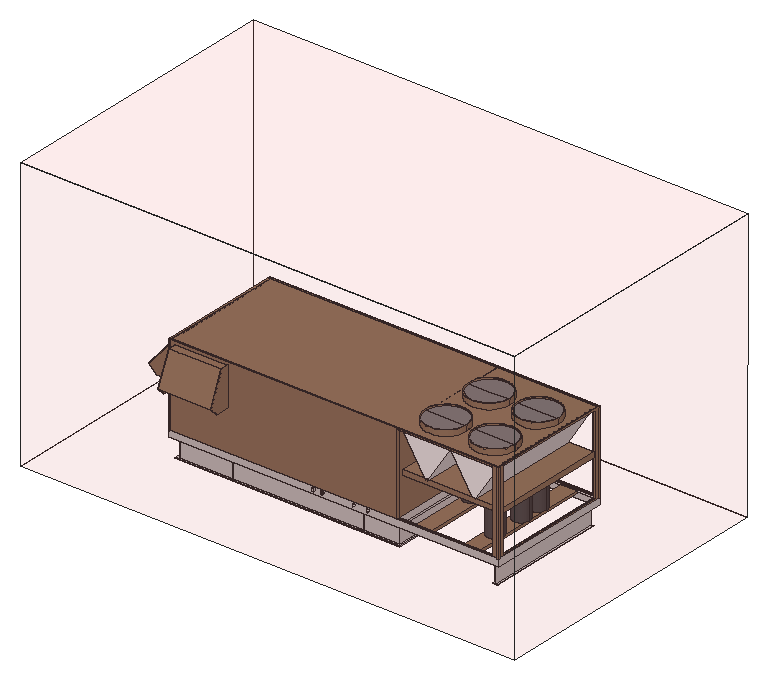
Revit family (continued)
Definition of nested family "Commercial_Comfort_Systems-Series_40-JCI-Unit_Cabinet-Bottom_Supply_And_Return-Gas_Heating"
  Forms (in)
    Extrusion 10, void, detail levels medium+fine
      sketch origin (0, -46, 0) x (-1, 0, 0) y (0, 0, 1)
        loop
          circle (8.49969, 3.0625) r 1.25
      from 0 to 6.46
    Revolve 11, void, detail levels medium+fine
      sketch origin (0, -39.54, 0) x (-1, 0, 0) y (0, 0, 1)
        loop
          line (6.68719, 5.125) -> (6.68719, 0) -> (8.49969, 0) -> (8.49969, 5.125) -> (6.68719, 5.125)
        axis (8.49969, 0) -> (8.49969, 5.125)
      angle from 0 to 360
    Extrusion 12, solid, material "Metal - JCI - Steel - Galvanized - Screen" <- "Screen Material", detail levels fine
      sketch origin (0, 0, 0) x (-1, 0, 0) y (0, -1, 0)
        loop
          line (-46.18781, -46) -> (-46.18781, -45) -> (-115.50031, -45) -> (-115.50031, -46) -> (-46.18781, -46)
        loop
          line (-119.00031, -42) -> (-119.00031, 42) -> (-120.00031, 42) -> (-120.00031, -42) -> (-119.00031, -42)
        loop
          line (-46.18781, 45) -> (-46.18781, 46) -> (-115.50031, 46) -> (-115.50031, 45) -> (-46.18781, 45)
      from 5.125 to 63.5
    Extrusion 13, void
      sketch origin (0, -34, 0) x (-1, 0, 0) y (0, 0, 1)
        loop
          circle (-25.02531, 3.0625) r 1.25
        loop
          circle (-14.77531, 3.0625) r 1.25
      from -12 to 0
    Revolve 14, void
      sketch origin (0, -34, 0) x (-1, 0, 0) y (0, 0, 1)
        loop
          line (-25.02531, 4.3125) -> (-26.83781, 4.3125) -> (-26.83781, 0) -> (-25.02531, 0) -> (-25.02531, 4.3125)
        axis (-25.02531, 0) -> (-25.02531, 4.3125)
      angle from 0 to 360
    Revolve 15, void, detail levels medium+fine
      sketch origin (0, -34, 0) x (-1, 0, 0) y (0, 0, 1)
        loop
          line (-12.96281, 4.625) -> (-14.77531, 4.625) -> (-14.77531, 1.8125) -> (-12.96281, 1.8125) -> (-12.96281, 4.625)
        axis (-14.77531, 1.8125) -> (-14.77531, 4.625)
      angle from 0 to 360
  Cuts and joins
    Extrusion 10, Revolve 11, Extrusion 13, Revolve 14, Revolve 15 cuts Extrusion 6
  Lines and regions (in)
    Masking region 1
      outline origin (0, 0, 0) x (1, 0, 0) y (0, 1, 0)
        loop
          line (-119.99969, 46) -> (-119.99969, -46) -> (120.00031, -46) -> (120.00031, 46) -> (-119.99969, 46)
    Masking region 2, detail levels medium+fine
      outline origin (0, -45, 0) x (-1, 0, 0) y (0, 0, 1)
        loop
          line (119.99969, 64) -> (-120.00031, 64) -> (-120.00031, 0) -> (119.99969, 0) -> (119.99969, 64)
        loop
          line (-46.18781, 4.625) -> (-46.18781, 63.5) -> (-115.50031, 63.5) -> (-115.50031, 4.625) -> (-46.18781, 4.625)
    Masking region 3, detail levels medium+fine
      outline origin (120.00031, 0, 0) x (0, -1, 0) y (0, 0, 1)
        loop
          line (46, 64) -> (-46, 64) -> (-46, 0) -> (46, 0) -> (46, 64)
        loop
          line (42, 63.5) -> (-42, 63.5) -> (-42, 5.125) -> (42, 5.125) -> (42, 63.5)
    Masking region 4
      outline origin (0.00031, 0, 0) x (0, 1, 0) y (0, 0, 1)
        loop
          line (46, 64) -> (-46, 64) -> (-46, 0) -> (46, 0) -> (46, 64)
    Masking region 5, detail levels medium+fine
      outline origin (-119.99969, 0, 0) x (0, -1, 0) y (0, 0, 1)
        loop
          line (-46, 64) -> (-46, 0) -> (46, 0) -> (46, 64) -> (-46, 64)
        loop
          line (-39.5, 62) -> (-39.5, 33.89844) -> (39.5, 33.89844) -> (39.5, 62) -> (-39.5, 62)
        loop
          line (-29.75977, 29.36) -> (-29.75977, 7.94) -> (29.75977, 7.94) -> (29.75977, 29.36) -> (-29.75977, 29.36)
    Masking region 6, detail levels coarse
      outline origin (0, 0, 0) x (1, 0, 0) y (0, 0, 1)
        loop
          line (-119.99969, 64) -> (-119.99969, 0) -> (120.00031, 0) -> (120.00031, 64) -> (-119.99969, 64)
    Masking region 7
      outline origin (0, 45, 0) x (-1, 0, 0) y (0, 0, 1)
        loop
          line (-120.00031, 64) -> (-120.00031, 0) -> (119.99969, 0) -> (119.99969, 64) -> (-120.00031, 64)
        loop
          line (-115.50031, 63.5) -> (-115.50031, 5.125) -> (-46.18781, 5.125) -> (-46.18781, 63.5) -> (-115.50031, 63.5)
    model lines, style "Frame Unit", detail levels coarse
      curve 1: line (-119.99969, 46, 64) -> (120.00031, 46, 64)
      curve 2: line (-119.99969, 46, 64) -> (-119.99969, -46, 64)
      curve 3: line (-119.99969, -46, 64) -> (120.00031, -46, 64)
      curve 4: line (120.00031, 46, 64) -> (120.00031, -46, 64)
      curve 5: line (-119.99969, 46, 64) -> (-119.99969, 46, 0)
      curve 6: line (120.00031, 46, 64) -> (120.00031, 46, 0)
      curve 7: line (-119.99969, -46, 64) -> (-119.99969, -46, 0)
      curve 8: line (120.00031, -46, 64) -> (120.00031, -46, 0)
      curve 9: line (46.18781, -46, 63.5) -> (115.50031, -46, 63.5)
      curve 10: line (46.18781, -46, 63.5) -> (46.18781, -46, 5.125)
      curve 11: line (46.18781, -46, 5.125) -> (115.50031, -46, 5.125)
      curve 12: line (115.50031, -46, 63.5) -> (115.50031, -46, 5.125)
      curve 13: line (46.18781, 46, 63.5) -> (115.50031, 46, 63.5)
      curve 14: line (115.50031, 46, 63.5) -> (115.50031, 46, 5.125)
      curve 15: line (115.50031, 46, 5.125) -> (46.18781, 46, 5.125)
      curve 16: line (46.18781, 46, 5.125) -> (46.18781, 46, 63.5)
      curve 17: line (120.00031, -42, 63.5) -> (120.00031, 42, 63.5)
      curve 18: line (120.00031, -42, 63.5) -> (120.00031, -42, 5.125)
      curve 19: line (120.00031, -42, 5.125) -> (120.00031, 42, 5.125)
      curve 20: line (120.00031, 42, 63.5) -> (120.00031, 42, 5.125)
      curve 21: line (18.18781, 41.5, 0) -> (44.18781, 41.5, 0)
      curve 22: line (18.18781, -30.10938, 0) -> (44.18781, -30.10938, 0)
      curve 23: line (44.18781, 41.5, 0) -> (44.18781, -30.10938, 0)
      curve 24: line (46.18781, 44, 0) -> (117.50031, 44, 0)
      curve 25: line (117.50031, 44, 0) -> (117.50031, -44, 0)
      curve 26: line (117.50031, -44, 0) -> (46.18781, -44, 0)
      curve 27: line (46.18781, -44, 0) -> (46.18781, 44, 0)
      curve 28: line (-119.99969, 46, 0) -> (120.00031, 46, 0)
      curve 29: line (-119.99969, -46, 0) -> (-119.99969, 46, 0)
      curve 30: line (120.00031, -46, 0) -> (-119.99969, -46, 0)
      curve 31: line (120.00031, 46, 0) -> (120.00031, -46, 0)
      curve 34: line (18.18781, 41.5, 0) -> (18.18781, -30.10938, 0)
    symbolic lines, style "Frame Unit", detail levels medium+fine
      curve 32: line (0.00031, -46, 4.625) -> (0.00031, 46, 4.625)
      curve 33: line (-119.99969, 46, 4.625) -> (120.00031, 46, 4.625)
    symbolic lines, style "Frame Unit", detail levels fine
      curve 35: line (46.18781, 0, 35.625) -> (115.50031, 0, 35.625)
      curve 36: line (115.50031, 0, 32) -> (46.18781, 0, 32)
      curve 37: line (119.00031, -42, 35.625) -> (119.00031, 42, 35.625)
      curve 38: line (120.00031, 42, 32) -> (120.00031, -42, 32)
  Dimensions and locks (in)
    "Length": plane 4 "Left of Unit" to plane 5 "Right of Unit"
    equal spacing: plane 7 "Back of Unit", plane 1 "Center (Front/Back)", plane 6 "Front of Unit"
    "Width": plane 7 "Back of Unit" to plane 6 "Front of Unit"
    "Height": plane 8 "Top of Unit" to plane 20 "Base Bottom"
    locked: plane 4 "Left of Unit" to plane 9 "Left Inset" at 1
    locked: plane 10 "Filters and Driers Right" to plane 5 "Right of Unit" at 4.5
    locked: plane 13 "Front Inset" to plane 6 "Front of Unit" at 1
    locked: plane 16 "Back Of Unit Inset" to plane 7 "Back of Unit" at 1
    locked: plane 17 "Right of Unit Inset" to plane 5 "Right of Unit" at 1
    equal spacing: plane 8 "Top of Unit", plane 19 "Center (Elevation)", plane 20 "Base Bottom"
    locked: plane 2 "Bottom of Unit" to plane 20 "Base Bottom" at 4.625
    locked: plane 21 "Open Right" to plane 5 "Right of Unit" at 2.5
    locked: plane 24 "Supply Air Back" to plane 7 "Back of Unit" at 4.5
    locked: plane 25 "Supply Air Front" to plane 24 "Supply Air Back" at 71.60938
    locked: plane 26 "Open Back" to plane 7 "Back of Unit" at 2
    locked: plane 27 "Open Front" to plane 6 "Front of Unit" at 2
    locked: plane 23 "Supply Air Left" to plane 22 "Supply Air Right" at 26
    locked: plane 7 "Back of Unit" to plane 30 "Fan Back" at 30.66667
    locked: plane 8 "Top of Unit" to plane 32 "Exhaust Air Bottom" at 30.10156
    locked: plane 34 "Compressor Acces Front" to plane 6 "Front of Unit" at 4
    locked: plane 35 "Compressor Access Back" to plane 7 "Back of Unit" at 4
    locked: plane 22 "Supply Air Right" to plane 5 "Right of Unit" at 75.8125
    locked: plane 36 "Condenser Base" to plane 19 "Center (Elevation)" at 3.625
    locked: plane 12 "Filters and Driers Left" to Extrusion 8 sketch curve at 1
    equal spacing: Extrusion 9 sketch curve, plane 28 "Right Condenser Fans", Extrusion 9 sketch curve
    locked: Extrusion 9 sketch curve to Extrusion 9 sketch curve at 12  (x2)
    locked: plane 4 "Left of Unit" to plane 37 "Rain Hood Left" at 4.5
    locked: plane 37 "Rain Hood Left" to plane 38 "Rain Hood Right" at 38.58984
    plane 39 "Power Exhaust Bottom" to plane 20 "Base Bottom" = 7.94"
    locked: plane 18 "Bottom Inset" to plane 2 "Bottom of Unit" at 0.5
    locked: plane 8 "Top of Unit" to plane 11 "Top Inset" at 0.5
    locked: plane 8 "Top of Unit" to plane 40 "Economizer Top" at 2
    plane 1 "Center (Front/Back)" to plane 41 "Return Air Front" = 41 1/2"
    locked: plane 43 "Center of Conection Opening" to plane 20 "Base Bottom" at 3.0625
    locked: plane 44 "Electrical Connection L/R" to plane 5 "Right of Unit" at 128.5
    locked: plane 45 "Electrical Connectio F/B" to plane 6 "Front of Unit" at 6.46
    "Front Electric Connection Radius": Extrusion 10 sketch curve to plane 44 "Electrical Connection L/R"
    "Front Electric Connection Radius": plane 43 "Center of Conection Opening" to Extrusion 10 sketch curve
    "Electric Connection Radius": Revolve 11 sketch curve to Revolve 11 sketch curve
    equal spacing: plane 4 "Left of Unit", plane 3 "Center (Left/Right)", plane 5 "Right of Unit"
    equal spacing: plane 37 "Rain Hood Left", plane 31 "Center of Economizer L/R", plane 38 "Rain Hood Right"
    locked: plane 42 "Power Exhaust Top" to plane 20 "Base Bottom" at 29.36
    locked: plane 22 "Supply Air Right" to plane 12 "Filters and Driers Left" at 2
    plane 28 "Right Condenser Fans" to plane 5 "Right of Unit" = 20 15/32"
    locked: plane 30 "Fan Back" to plane 29 "Fan Front" at 39.31
    equal spacing: Extrusion 9 sketch curve, plane 33 "Left Condenser Fans", Extrusion 9 sketch curve
    locked: plane 33 "Left Condenser Fans" to plane 28 "Right Condenser Fans" at 35.42
    equal spacing: plane 47 "Power Exhaust Front", plane 1 "Center (Front/Back)", plane 48 "Power Exhaust Back"
    locked: plane 47 "Power Exhaust Front" to plane 48 "Power Exhaust Back" at 59.51953
    plane 41 "Return Air Front" to plane 6 "Front of Unit" = 4 1/2"
    equal spacing: plane 51 "Gas Connector Left", plane 49 "Gas Connectors Center L/R", plane 50 "Gas Connectior Right"
    locked: plane 49 "Gas Connectors Center L/R" to plane 5 "Right of Unit" at 100.1
    locked: plane 51 "Gas Connector Left" to plane 50 "Gas Connectior Right" at 10.25
    "Gas Connector Offset Front Minimum": plane 52 "Gas Connectro Center F/B" to plane 6 "Front of Unit"
    "Front Electric Connection Radius": Extrusion 13 sketch curve to plane 43 "Center of Conection Opening"
    "Front Electric Connection Radius": Extrusion 13 sketch curve to plane 51 "Gas Connector Left"
    "Front Electric Connection Radius": plane 43 "Center of Conection Opening" to Extrusion 13 sketch curve
    "Front Electric Connection Radius": Extrusion 13 sketch curve to plane 50 "Gas Connectior Right"
    "Electric Connection Radius": Revolve 14 sketch curve to Revolve 14 sketch curve
    "Front Electric Connection Radius": Revolve 14 sketch curve to plane 43 "Center of Conection Opening"
    "Electric Connection Radius": Revolve 15 sketch curve to Revolve 15 sketch curve
    "Front Electric Connection Radius": plane 43 "Center of Conection Opening" to Revolve 15 sketch curve
    "Front Electric Connection Radius": radius of Extrusion 10 sketch curve
    "Front Electric Connection Radius": radius of Extrusion 13 sketch curve  (x2)
    aligned and locked: plane 12 "Filters and Driers Left" to Extrusion 1 sketch curve
    aligned and locked: Extrusion 1 sketch curve to plane 10 "Filters and Driers Right"
    aligned and locked: Extrusion 1 sketch curve to plane 11 "Top Inset"
    aligned and locked: Extrusion 1 sketch curve to plane 8 "Top of Unit"
    aligned and locked: Extrusion 1 sketch curve to plane 5 "Right of Unit"
    aligned and locked: plane 2 "Bottom of Unit" to Extrusion 1 sketch curve
    aligned and locked: Extrusion 1 sketch curve to plane 4 "Left of Unit"
    aligned and locked: Extrusion 1 to plane 6 "Front of Unit"
    aligned and locked: plane 13 "Front Inset" to Extrusion 1
    aligned and locked: Extrusion 2 sketch curve to plane 8 "Top of Unit"
    aligned and locked: Extrusion 2 sketch curve to plane 11 "Top Inset"
    aligned and locked: plane 6 "Front of Unit" to Extrusion 2 sketch curve
    aligned and locked: plane 2 "Bottom of Unit" to Extrusion 2 sketch curve
    aligned and locked: plane 7 "Back of Unit" to Extrusion 2 sketch curve
    aligned and locked: plane 5 "Right of Unit" to Extrusion 2
    aligned and locked: Extrusion 2 to plane 17 "Right of Unit Inset"
    aligned and locked: Extrusion 3 sketch curve to plane 5 "Right of Unit"
    aligned and locked: Extrusion 3 sketch curve to plane 10 "Filters and Driers Right"
    aligned and locked: Extrusion 3 sketch curve to plane 8 "Top of Unit"
    aligned and locked: Extrusion 3 sketch curve to plane 11 "Top Inset"
    aligned and locked: plane 12 "Filters and Driers Left" to Extrusion 3 sketch curve
    aligned and locked: plane 2 "Bottom of Unit" to Extrusion 3 sketch curve
    aligned and locked: Extrusion 3 sketch curve to plane 4 "Left of Unit"
    aligned and locked: Extrusion 3 to plane 7 "Back of Unit"
    aligned and locked: plane 16 "Back Of Unit Inset" to Extrusion 3
    aligned and locked: Extrusion 4 sketch curve to plane 8 "Top of Unit"
    aligned and locked: plane 14 "Exhaust Air Front" to Extrusion 4 sketch curve
    aligned and locked: plane 15 "Exhaust Air Back" to Extrusion 4 sketch curve
    aligned and locked: plane 7 "Back of Unit" to Extrusion 4 sketch curve
    aligned and locked: plane 6 "Front of Unit" to Extrusion 4 sketch curve
    aligned and locked: plane 2 "Bottom of Unit" to Extrusion 4 sketch curve
    aligned and locked: plane 4 "Left of Unit" to Extrusion 4
    aligned and locked: Extrusion 4 to plane 9 "Left Inset"
    aligned and locked: plane 16 "Back Of Unit Inset" to Extrusion 5 sketch curve
    aligned and locked: Extrusion 5 sketch curve to plane 17 "Right of Unit Inset"
    aligned and locked: Extrusion 5 sketch curve to plane 9 "Left Inset"
    aligned and locked: plane 13 "Front Inset" to Extrusion 5 sketch curve
    aligned and locked: plane 8 "Top of Unit" to Extrusion 5
    aligned and locked: plane 20 "Base Bottom" to level
    aligned and locked: plane 24 "Supply Air Back" to Extrusion 6 sketch curve  (x2)
    aligned and locked: Extrusion 6 sketch curve to plane 23 "Supply Air Left"
    aligned and locked: Extrusion 6 sketch curve to plane 22 "Supply Air Right"
    aligned and locked: Extrusion 6 sketch curve to plane 25 "Supply Air Front"
    aligned and locked: Extrusion 6 sketch curve to plane 21 "Open Right"
    aligned and locked: plane 12 "Filters and Driers Left" to Extrusion 6 sketch curve
    aligned and locked: plane 7 "Back of Unit" to Extrusion 6 sketch curve
    aligned and locked: Extrusion 6 sketch curve to plane 5 "Right of Unit"
    aligned and locked: plane 6 "Front of Unit" to Extrusion 6 sketch curve
    aligned and locked: Extrusion 6 sketch curve to plane 4 "Left of Unit"
    aligned and locked: Extrusion 6 to plane 20 "Base Bottom"
    aligned and locked: plane 2 "Bottom of Unit" to Extrusion 6
    aligned and locked: plane 26 "Open Back" to Extrusion 6 sketch curve
    aligned and locked: plane 27 "Open Front" to Extrusion 6 sketch curve
    aligned and locked: plane 7 "Back of Unit" to Masking region 1 sketch curve
    aligned and locked: Masking region 1 sketch curve to plane 4 "Left of Unit"
    aligned and locked: Masking region 1 sketch curve to plane 5 "Right of Unit"
    aligned and locked: plane 6 "Front of Unit" to Masking region 1 sketch curve
    aligned and locked: plane 4 "Left of Unit" to curve 2
    aligned and locked: plane 4 "Left of Unit" to curve 3
    aligned and locked: plane 5 "Right of Unit" to curve 3
    aligned and locked: curve 3 to plane 6 "Front of Unit"
    aligned and locked: plane 6 "Front of Unit" to curve 4
    aligned and locked: plane 4 "Left of Unit" to curve 1
    aligned and locked: plane 5 "Right of Unit" to curve 1
    aligned and locked: plane 7 "Back of Unit" to curve 4
    aligned and locked: plane 6 "Front of Unit" to curve 2
    aligned and locked: plane 8 "Top of Unit" to curve 5
    aligned and locked: plane 20 "Base Bottom" to curve 5
    aligned and locked: plane 20 "Base Bottom" to curve 7
    aligned and locked: plane 8 "Top of Unit" to curve 7
    aligned and locked: plane 4 "Left of Unit" to curve 5
    aligned and locked: plane 4 "Left of Unit" to curve 7
    aligned and locked: plane 20 "Base Bottom" to curve 6
    aligned and locked: plane 20 "Base Bottom" to curve 8
    aligned and locked: plane 8 "Top of Unit" to curve 6
    aligned and locked: plane 8 "Top of Unit" to curve 8
    aligned and locked: curve 6 to plane 5 "Right of Unit"
    aligned and locked: curve 8 to plane 5 "Right of Unit"
    aligned and locked: plane 11 "Top Inset" to curve 12
    aligned and locked: plane 10 "Filters and Driers Right" to curve 9
    aligned and locked: plane 10 "Filters and Driers Right" to curve 11
    aligned and locked: plane 11 "Top Inset" to curve 10
    aligned and locked: plane 12 "Filters and Driers Left" to curve 11
    aligned and locked: plane 12 "Filters and Driers Left" to curve 9
    aligned and locked: curve 11 to curve 12
    aligned and locked: plane 12 "Filters and Driers Left" to curve 13
    aligned and locked: plane 11 "Top Inset" to curve 14
    aligned and locked: curve 13 to plane 11 "Top Inset"
    aligned and locked: plane 10 "Filters and Driers Right" to curve 15
    aligned and locked: plane 12 "Filters and Driers Left" to curve 15
    aligned and locked: plane 11 "Top Inset" to curve 16
    aligned and locked: plane 10 "Filters and Driers Right" to curve 13
    aligned and locked: plane 11 "Top Inset" to curve 18
    aligned and locked: plane 11 "Top Inset" to curve 20
    aligned and locked: plane 27 "Open Front" to curve 25
    aligned and locked: plane 21 "Open Right" to curve 24
    aligned and locked: plane 26 "Open Back" to curve 27
    aligned and locked: plane 22 "Supply Air Right" to curve 21
    aligned and locked: plane 7 "Back of Unit" to curve 31
    aligned and locked: plane 5 "Right of Unit" to curve 30
    aligned and locked: curve 31 to plane 5 "Right of Unit"
    aligned and locked: plane 6 "Front of Unit" to curve 30
    aligned and locked: plane 6 "Front of Unit" to curve 29
    aligned and locked: plane 7 "Back of Unit" to curve 29
    aligned and locked: curve 29 to plane 4 "Left of Unit"
    aligned and locked: plane 4 "Left of Unit" to curve 28
    aligned and locked: plane 8 "Top of Unit" to Masking region 2 sketch curve
    aligned and locked: plane 5 "Right of Unit" to Masking region 2 sketch curve
    aligned and locked: plane 4 "Left of Unit" to Masking region 2 sketch curve
    aligned and locked: Masking region 3 sketch curve to plane 8 "Top of Unit"
    aligned and locked: plane 6 "Front of Unit" to Masking region 3 sketch curve
    aligned and locked: plane 7 "Back of Unit" to Masking region 3 sketch curve
    aligned and locked: plane 20 "Base Bottom" to Masking region 3 sketch curve
    aligned and locked: plane 7 "Back of Unit" to curve 32
    aligned and locked: plane 6 "Front of Unit" to curve 32
    aligned and locked: curve 32 to plane 2 "Bottom of Unit"
    aligned and locked: Masking region 2 sketch curve to plane 20 "Base Bottom"
    aligned and locked: plane 5 "Right of Unit" to curve 33
    aligned and locked: plane 4 "Left of Unit" to curve 33
    aligned and locked: curve 33 to plane 2 "Bottom of Unit"
    aligned and locked: plane 18 "Bottom Inset" to Extrusion 3
    aligned and locked: plane 18 "Bottom Inset" to curve 15
    aligned and locked: plane 18 "Bottom Inset" to Extrusion 2
    aligned and locked: curve 19 to plane 18 "Bottom Inset"
    aligned and locked: plane 35 "Compressor Access Back" to Extrusion 2 sketch curve
    aligned and locked: plane 34 "Compressor Acces Front" to Extrusion 2 sketch curve
    aligned and locked: plane 35 "Compressor Access Back" to curve 20
    aligned and locked: curve 18 to plane 34 "Compressor Acces Front"
    aligned and locked: plane 32 "Exhaust Air Bottom" to Extrusion 1 sketch curve
    aligned and locked: plane 32 "Exhaust Air Bottom" to Extrusion 3 sketch curve
    aligned and locked: plane 32 "Exhaust Air Bottom" to Extrusion 4 sketch curve
    aligned and locked: plane 12 "Filters and Driers Left" to Extrusion 7 sketch curve
    aligned and locked: plane 19 "Center (Elevation)" to Extrusion 7 sketch curve
    aligned and locked: Extrusion 7 sketch curve to plane 36 "Condenser Base"
    aligned and locked: Extrusion 8 sketch curve to plane 12 "Filters and Driers Left"
    aligned and locked: Extrusion 8 sketch curve to plane 11 "Top Inset"
    aligned and locked: plane 18 "Bottom Inset" to Extrusion 8 sketch curve
    aligned and locked: Extrusion 8 to plane 16 "Back Of Unit Inset"
    aligned and locked: Extrusion 8 to plane 13 "Front Inset"
    aligned and locked: plane 27 "Open Front" to Extrusion 9 sketch curve  (x2)
    aligned and locked: plane 26 "Open Back" to Extrusion 9 sketch curve  (x2)
    aligned and locked: Extrusion 9 to plane 2 "Bottom of Unit"
    aligned and locked: plane 2 "Bottom of Unit" to Masking region 2 sketch curve
    aligned and locked: plane 12 "Filters and Driers Left" to Masking region 2 sketch curve
    aligned and locked: plane 35 "Compressor Access Back" to curve 17
    aligned and locked: plane 35 "Compressor Access Back" to curve 19
    aligned and locked: plane 34 "Compressor Acces Front" to curve 17
    aligned and locked: plane 34 "Compressor Acces Front" to curve 19
    aligned and locked: plane 18 "Bottom Inset" to curve 20
    aligned and locked: plane 18 "Bottom Inset" to curve 18
    aligned and locked: curve 11 to curve 15
    aligned and locked: curve 9 to curve 13
    aligned and locked: plane 18 "Bottom Inset" to curve 10
    aligned and locked: plane 4 "Left of Unit" to curve 30
    aligned and locked: plane 5 "Right of Unit" to curve 28
    aligned and locked: plane 6 "Front of Unit" to curve 31
    aligned and locked: plane 7 "Back of Unit" to curve 2
    aligned and locked: plane 34 "Compressor Acces Front" to Masking region 3 sketch curve
    aligned and locked: plane 18 "Bottom Inset" to Masking region 3 sketch curve
    aligned and locked: plane 35 "Compressor Access Back" to Masking region 3 sketch curve
    aligned and locked: Extrusion 1 sketch curve to plane 40 "Economizer Top"
    aligned and locked: Extrusion 3 sketch curve to plane 40 "Economizer Top"
    aligned and locked: Extrusion 5 to plane 11 "Top Inset"
    aligned and locked: plane 40 "Economizer Top" to Extrusion 4 sketch curve
    aligned and locked: Masking region 4 sketch curve to plane 8 "Top of Unit"
    aligned and locked: plane 7 "Back of Unit" to Masking region 4 sketch curve
    aligned and locked: plane 6 "Front of Unit" to Masking region 4 sketch curve
    aligned and locked: plane 20 "Base Bottom" to Masking region 4 sketch curve
    aligned and locked: Extrusion 4 sketch curve to plane 42 "Power Exhaust Top"
    aligned and locked: plane 39 "Power Exhaust Bottom" to Extrusion 4 sketch curve
    aligned and locked: plane 39 "Power Exhaust Bottom" to Masking region 5 sketch curve
    aligned and locked: Masking region 5 sketch curve to plane 42 "Power Exhaust Top"
    aligned and locked: plane 32 "Exhaust Air Bottom" to Masking region 5 sketch curve
    aligned and locked: Masking region 5 sketch curve to plane 40 "Economizer Top"
    aligned and locked: plane 14 "Exhaust Air Front" to Masking region 5 sketch curve
    aligned and locked: plane 15 "Exhaust Air Back" to Masking region 5 sketch curve
    aligned and locked: plane 6 "Front of Unit" to Masking region 5 sketch curve
    aligned and locked: Masking region 5 sketch curve to plane 8 "Top of Unit"
    aligned and locked: plane 20 "Base Bottom" to Masking region 5 sketch curve
    aligned and locked: plane 7 "Back of Unit" to Masking region 5 sketch curve
    aligned and locked: plane 20 "Base Bottom" to Masking region 6 sketch curve
    aligned and locked: Masking region 6 sketch curve to plane 4 "Left of Unit"
    aligned and locked: Masking region 6 sketch curve to plane 5 "Right of Unit"
    aligned and locked: Masking region 6 sketch curve to plane 8 "Top of Unit"
    aligned and locked: Extrusion 10 to plane 6 "Front of Unit"
    aligned and locked: Revolve 11 sketch curve to plane 44 "Electrical Connection L/R"
    aligned and locked: Revolve 11 sketch curve to Revolve 11 sketch curve
    aligned and locked: plane 20 "Base Bottom" to Revolve 11 sketch curve
    aligned and locked: Revolve 11 sketch curve to plane 18 "Bottom Inset"
    aligned and locked: plane 11 "Top Inset" to Masking region 2 sketch curve
    aligned and locked: Masking region 7 to plane 11 "Top Inset"
    aligned and locked: plane 8 "Top of Unit" to Masking region 7
    aligned and locked: Masking region 7 to plane 10 "Filters and Driers Right"
    aligned and locked: plane 12 "Filters and Driers Left" to Masking region 7
    aligned and locked: plane 18 "Bottom Inset" to Masking region 7
    aligned and locked: plane 5 "Right of Unit" to Masking region 7 sketch curve
    aligned and locked: Masking region 7 sketch curve to plane 20 "Base Bottom"
    aligned and locked: plane 4 "Left of Unit" to Masking region 7 sketch curve
    aligned and locked: Extrusion 7 to plane 34 "Compressor Acces Front"
    aligned and locked: Extrusion 7 to plane 35 "Compressor Access Back"
    aligned and locked: Masking region 3 sketch curve to plane 11 "Top Inset"
    aligned and locked: Extrusion 1 sketch curve to plane 37 "Rain Hood Left"
    aligned and locked: plane 38 "Rain Hood Right" to Extrusion 1 sketch curve
    aligned and locked: plane 38 "Rain Hood Right" to Extrusion 3 sketch curve
    aligned and locked: Extrusion 3 sketch curve to plane 37 "Rain Hood Left"
    aligned and locked: plane 22 "Supply Air Right" to curve 22
    aligned and locked: plane 25 "Supply Air Front" to curve 23
    aligned and locked: plane 23 "Supply Air Left" to curve 22
    aligned and locked: plane 24 "Supply Air Back" to curve 23
    aligned and locked: plane 23 "Supply Air Left" to curve 21
    aligned and locked: Extrusion 4 sketch curve to plane 48 "Power Exhaust Back"
    aligned and locked: Masking region 5 sketch curve to plane 48 "Power Exhaust Back"
    aligned and locked: Masking region 5 sketch curve to plane 47 "Power Exhaust Front"
    aligned and locked: Extrusion 4 sketch curve to plane 47 "Power Exhaust Front"
    aligned and locked: Extrusion 7 sketch curve to plane 17 "Right of Unit Inset"
    aligned and locked: plane 24 "Supply Air Back" to curve 34
    aligned and locked: plane 25 "Supply Air Front" to curve 34
    aligned and locked: plane 27 "Open Front" to curve 27
    aligned and locked: plane 27 "Open Front" to curve 26
    aligned and locked: plane 21 "Open Right" to curve 26
    aligned and locked: plane 12 "Filters and Driers Left" to curve 26
    aligned and locked: plane 26 "Open Back" to curve 25
    aligned and locked: plane 12 "Filters and Driers Left" to curve 24
    aligned and locked: plane 12 "Filters and Driers Left" to Extrusion 12 sketch curve  (x2)
    aligned and locked: Extrusion 12 sketch curve to plane 10 "Filters and Driers Right"  (x2)
    aligned and locked: Extrusion 12 sketch curve to plane 13 "Front Inset"
    aligned and locked: plane 6 "Front of Unit" to Extrusion 12 sketch curve
    aligned and locked: plane 34 "Compressor Acces Front" to Extrusion 12 sketch curve
    aligned and locked: plane 35 "Compressor Access Back" to Extrusion 12 sketch curve
    aligned and locked: plane 17 "Right of Unit Inset" to Extrusion 12 sketch curve
    aligned and locked: Extrusion 12 sketch curve to plane 5 "Right of Unit"
    aligned and locked: Extrusion 12 sketch curve to plane 16 "Back Of Unit Inset"
    aligned and locked: plane 7 "Back of Unit" to Extrusion 12 sketch curve
    aligned and locked: plane 11 "Top Inset" to Extrusion 12
    aligned and locked: Extrusion 12 to plane 18 "Bottom Inset"
    aligned and locked: Extrusion 9 to plane 43 "Center of Conection Opening"
    aligned and locked: Revolve 14 sketch curve to plane 50 "Gas Connectior Right"
    aligned and locked: Revolve 14 sketch curve to Revolve 14 sketch curve
    aligned and locked: plane 20 "Base Bottom" to Revolve 14 sketch curve
    aligned and locked: Revolve 15 sketch curve to plane 51 "Gas Connector Left"
    aligned and locked: Revolve 15 sketch curve to Revolve 15 sketch curve
    aligned and locked: Revolve 15 sketch curve to plane 2 "Bottom of Unit"
    aligned and locked: plane 52 "Gas Connectro Center F/B" to Extrusion 13
    aligned and locked: Extrusion 13 to plane 6 "Front of Unit"
    aligned and locked: Extrusion 6 sketch curve to plane 37 "Rain Hood Left"
    aligned and locked: plane 38 "Rain Hood Right" to Extrusion 6 sketch curve
    aligned and locked: Extrusion 6 sketch curve to plane 41 "Return Air Front"
    aligned and locked: plane 10 "Filters and Driers Right" to curve 36
    aligned and locked: plane 10 "Filters and Driers Right" to curve 35
    aligned and locked: plane 12 "Filters and Driers Left" to curve 36
    aligned and locked: plane 12 "Filters and Driers Left" to curve 35
    aligned and locked: plane 19 "Center (Elevation)" to curve 36
    aligned and locked: curve 35 to plane 36 "Condenser Base"
    aligned and locked: plane 35 "Compressor Access Back" to curve 38
    aligned and locked: plane 19 "Center (Elevation)" to curve 38
    aligned and locked: plane 34 "Compressor Acces Front" to curve 38
    aligned and locked: curve 37 to plane 36 "Condenser Base"
    aligned and locked: plane 35 "Compressor Access Back" to curve 37
    aligned and locked: plane 34 "Compressor Acces Front" to curve 37
  Automatic sketch dimensions
    Extrusion 1 sketch curve to plane 18 "Bottom Inset" = 0"
    Extrusion 2 sketch curve to plane 18 "Bottom Inset" = 0"
    Extrusion 3 sketch curve to plane 18 "Bottom Inset" = 0"
    curve 1 to plane 7 "Back of Unit" = 0"
    curve 10 to plane 12 "Filters and Driers Left" = 0"
    Masking region 2 sketch curve to plane 10 "Filters and Driers Right" = 0"
    Revolve 11 sketch curve to level = 241.30534"
    plane 8 "Top of Unit" to Revolve 11 sketch curve = 282.03032"
    Masking region 7 sketch curve to plane 10 "Filters and Driers Right" = 0"
    Masking region 7 sketch curve to plane 11 "Top Inset" = 0"
    Masking region 7 sketch curve to plane 12 "Filters and Driers Left" = 0"
    Masking region 7 sketch curve to plane 18 "Bottom Inset" = 0"
    Masking region 7 sketch curve to plane 8 "Top of Unit" = 0"
    Revolve 14 sketch curve to level = 241.30534"
    plane 8 "Top of Unit" to Revolve 14 sketch curve = 282.03032"
    Revolve 15 sketch curve to level = 241.30534"
    plane 8 "Top of Unit" to Revolve 15 sketch curve = 282.03032"
Definition of nested family "Include Clearance"
  Parameters (values of type "Include Clearance")
    Width = 36"
    Height = 36"
    Depth = 36"
    Clearance Top = 6"
    Clearance Right = 6"
    Clearance Material = Clearance
    Clearance Left = 6"
    Clearance Front = 6"
    Clearance Bottom = 6"
    Clearance Back = 6"
    Assembly Code = ""
  Reference planes (in)
    plane 1 "Center (Front/Back)": y = 0
    plane 2 "Bottom": z = 0
    plane 3 "Center (Left/Right)": x = 0
    plane 4 "Clearance Front": y = -24
    plane 5 "Top": z = 36
    plane 6 "Back": y = 18
    plane 7 "Left": x = -18
    plane 8 "Front": y = -18
    plane 9 "Right": x = 18
    plane 10 "Clearance Back": y = 24
    plane 11 "Clearance Left": x = -24
    plane 12 "Clearance Right": x = 24
    plane 13 "Clearance Top": z = 42
    plane 14 "Clearance Bottom": z = -6
  Forms (in)
    Extrusion 1, solid, material "Clearance" <- "Clearance Material"
      sketch origin (0, 0, 36) x (-1, 0, 0) y (0, -1, 0)
        loop
          line (24, -24) -> (24, 24) -> (-24, 24) -> (-24, -24) -> (24, -24)
      from -42 to 6
  Lines and regions (in)
    symbolic lines, style "Clearance"
      curve 1: line (-24, 24, 36) -> (24, 24, 36)
      curve 2: line (-24, -24, 36) -> (-24, 24, 36)
      curve 3: line (24, -24, 36) -> (-24, -24, 36)
      curve 4: line (24, 24, 36) -> (24, -24, 36)
      curve 5: line (-24, 0, 42) -> (24, 0, 42)
      curve 6: line (-24, 0, -6) -> (-24, 0, 42)
      curve 7: line (24, 0, -6) -> (-24, 0, -6)
      curve 8: line (24, 0, 42) -> (24, 0, -6)
      curve 9: line (0, -24, 42) -> (0, 24, 42)
      curve 10: line (0, -24, -6) -> (0, -24, 42)
      curve 11: line (0, 24, -6) -> (0, -24, -6)
      curve 12: line (0, 24, 42) -> (0, 24, -6)
  Dimensions and locks (in)
    "Height": plane 5 "Top" to plane 2 "Bottom"
    "Depth": plane 6 "Back" to plane 8 "Front"
    "Width": plane 7 "Left" to plane 9 "Right"
    equal spacing: plane 7 "Left", plane 3 "Center (Left/Right)", plane 9 "Right"
    equal spacing: plane 6 "Back", plane 1 "Center (Front/Back)", plane 8 "Front"
    "Clearance Bottom": plane 2 "Bottom" to plane 14 "Clearance Bottom"
    "Clearance Top": plane 13 "Clearance Top" to plane 5 "Top"
    "Clearance Left": plane 11 "Clearance Left" to plane 7 "Left"
    "Clearance Right": plane 9 "Right" to plane 12 "Clearance Right"
    "Clearance Back": plane 10 "Clearance Back" to plane 6 "Back"
    "Clearance Front": plane 4 "Clearance Front" to plane 8 "Front"
    aligned and locked: level to plane 2 "Bottom"
    aligned and locked: Extrusion 1 sketch curve to plane 10 "Clearance Back"
    aligned and locked: Extrusion 1 sketch curve to plane 11 "Clearance Left"
    aligned and locked: Extrusion 1 sketch curve to plane 12 "Clearance Right"
    aligned and locked: Extrusion 1 sketch curve to plane 4 "Clearance Front"
    aligned and locked: plane 14 "Clearance Bottom" to Extrusion 1
    aligned and locked: plane 13 "Clearance Top" to Extrusion 1
    aligned and locked: curve 1 to plane 10 "Clearance Back"
    aligned and locked: curve 2 to plane 11 "Clearance Left"
    aligned and locked: curve 4 to plane 12 "Clearance Right"
    aligned and locked: curve 3 to plane 4 "Clearance Front"
    aligned and locked: curve 5 to plane 13 "Clearance Top"
    aligned and locked: curve 6 to plane 11 "Clearance Left"
    aligned and locked: curve 7 to plane 14 "Clearance Bottom"
    aligned and locked: curve 8 to plane 12 "Clearance Right"
    aligned and locked: curve 9 to plane 13 "Clearance Top"
    aligned and locked: curve 11 to plane 14 "Clearance Bottom"
    aligned and locked: curve 12 to plane 10 "Clearance Back"
    aligned and locked: curve 10 to plane 4 "Clearance Front"
Definition of nested family "Commercial_Comfort_Systems-Series_40-JCI-Condenser_Coil"
  Parameters (values of type "Condenser_Coil")
    Width = 67"
    Thickness = 2"
    Material = Metal - JCI - Steel Galvanized
    Height = 27 3/8"
    Depth = 84"
    Condenser Material = Metal - JCI - Aluminum - Perforated - Micro Channel
    Assembly Code = ""
  Reference planes (in)
    plane 1 "Center (Front/Back)": y = 0
    plane 2 "Bottom": z = 0
    plane 3 "Center (Left/Right)": x = 0
    plane 4: x = -33.5
    plane 5 "Right": x = 33.5
    plane 6 "Top": z = 27.375
    plane 7 "Front": y = -42
    plane 8 "Back": y = 42
    plane 9: x = -16.75
    plane 10: x = 16.75
    plane 11: x = 17.75
    plane 12: x = 15.75
    plane 13: x = 1
    plane 14: x = -1
    plane 15: x = -15.75
    plane 16: x = -17.75
    plane 17: x = 32.5
    plane 18: x = 34.5
    plane 19: x = -34.5
    plane 20: x = -32.5
    plane 21 "Top Inset": z = 26.375
    plane 22 "Bottom Inset": z = 1
    plane 23 "Top of Angle": z = 24.86007
  Forms (in)
    Extrusion 1, solid, material "Metal - JCI - Aluminum - Perforated - Micro Channel" <- "Condenser Material", detail levels fine
      sketch origin (0, 0, 0) x (1, 0, 0) y (0, 0, 1)
        loop
          line (34.5, 26.375) -> (34.5, 27.375) -> (-34.5, 27.375) -> (-34.5, 26.375) -> (-17.75, 1) -> (-15.75, 1) -> (0, 24.86007) -> (15.75, 1) -> (17.75, 1) -> (34.5, 26.375)
      from -42 to 42
  Lines and regions (in)
    Masking region 1, detail levels fine
      outline origin (0, 0, 0) x (1, 0, 0) y (0, 1, 0)
        loop
          line (-34.5, 42) -> (-34.5, -42) -> (34.5, -42) -> (34.5, 42) -> (-34.5, 42)
    Masking region 2, detail levels fine
      outline origin (0, 0, 0) x (1, 0, 0) y (0, 0, 1)
        loop
          line (-34.5, 27.375) -> (-34.5, 26.375) -> (-17.75, 1) -> (-17.75, 0) -> (-15.75, 0) -> (-15.75, 1) -> (0, 24.86007) -> (15.75, 1) -> (15.75, 0) -> (17.75, 0) -> (17.75, 1) -> (34.5, 26.375) -> (34.5, 27.375) -> (-34.5, 27.375)
    Masking region 3, detail levels fine
      outline origin (0, 0, 0) x (0, 1, 0) y (0, 0, 1)
        loop
          line (-42, 27.375) -> (-42, 0) -> (42, 0) -> (42, 27.375) -> (-42, 27.375)
    model lines, detail levels medium
      curve 1: line (-34.5, -42, 27.375) -> (34.5, -42, 27.375)
      curve 2: line (-17.75, -42, 1) -> (-15.75, -42, 1)
      curve 3: line (15.75, -42, 1) -> (17.75, -42, 1)
      curve 4: line (-34.5, -42, 27.375) -> (-34.5, -42, 26.375)
      curve 5: line (34.5, -42, 27.375) -> (34.5, -42, 26.375)
      curve 6: line (-34.5, 42, 27.375) -> (34.5, 42, 27.375)
      curve 7: line (34.5, 42, 27.375) -> (34.5, 42, 26.375)
      curve 8: line (-34.5, 42, 27.375) -> (-34.5, 42, 26.375)
      curve 9: line (-17.75, 42, 1) -> (-15.75, 42, 1)
      curve 10: line (15.75, 42, 1) -> (17.75, 42, 1)
    model lines, style "Condenser Coil", detail levels medium
      curve 11: line (34.5, 42, 26.375) -> (17.75, 42, 1)
      curve 12: line (0, 42, 24.86007) -> (15.75, 42, 1)
      curve 13: line (-34.5, 42, 26.375) -> (-17.75, 42, 1)
      curve 14: line (0, 42, 24.86007) -> (-15.75, 42, 1)
      curve 15: line (34.5, -42, 26.375) -> (17.75, -42, 1)
      curve 16: line (0, -42, 24.86007) -> (15.75, -42, 1)
      curve 17: line (0, -42, 24.86007) -> (-15.75, -42, 1)
      curve 18: line (-34.5, -42, 26.375) -> (-17.75, -42, 1)
      curve 19: line (34.5, 42, 27.375) -> (34.5, -42, 27.375)
      curve 20: line (-34.5, 42, 27.375) -> (-34.5, -42, 27.375)
      curve 21: line (-17.75, 42, 1) -> (-17.75, -42, 1)
      curve 22: line (-15.75, 42, 1) -> (-15.75, -42, 1)
      curve 23: line (15.75, 42, 1) -> (15.75, -42, 1)
      curve 24: line (17.75, 42, 1) -> (17.75, -42, 1)
      curve 25: line (0, -42, 24.86007) -> (0, 42, 24.86007)
  Dimensions and locks (in)
    "Height": plane 6 "Top" to plane 2 "Bottom"
    equal spacing: plane 8 "Back", plane 1 "Center (Front/Back)", plane 7 "Front"
    "Depth": plane 8 "Back" to plane 7 "Front"
    equal spacing: plane 5 "Right", plane 10, plane 3 "Center (Left/Right)", plane 9, plane 4
    "Width": plane 5 "Right" to plane 4
    equal spacing: plane 18, plane 5 "Right", plane 17
    equal spacing: plane 12, plane 10, plane 11
    equal spacing: plane 14, plane 3 "Center (Left/Right)", plane 13
    equal spacing: plane 16, plane 9, plane 15
    equal spacing: plane 19, plane 4, plane 20
    "Thickness": plane 20 to plane 19
    "Thickness": plane 15 to plane 16
    "Thickness": plane 13 to plane 14
    "Thickness": plane 11 to plane 12
    "Thickness": plane 18 to plane 17
    locked: plane 6 "Top" to plane 21 "Top Inset" at 1
    locked: plane 22 "Bottom Inset" to plane 2 "Bottom" at 1
    locked: plane 6 "Top" to plane 23 "Top of Angle" at 2.51493
    aligned and locked: level to plane 2 "Bottom"
    aligned and locked: plane 22 "Bottom Inset" to Extrusion 1 sketch curve  (x3)
    aligned and locked: plane 16 to Extrusion 1 sketch curve
    aligned and locked: plane 12 to Extrusion 1 sketch curve
    aligned and locked: plane 21 "Top Inset" to Extrusion 1 sketch curve  (x2)
    aligned and locked: plane 15 to Extrusion 1 sketch curve
    aligned and locked: plane 11 to Extrusion 1 sketch curve
    aligned and locked: Extrusion 1 sketch curve to plane 22 "Bottom Inset"
    aligned and locked: Extrusion 1 to plane 8 "Back"
    aligned and locked: Extrusion 1 to plane 7 "Front"
    aligned and locked: plane 19 to Masking region 1 sketch curve
    aligned and locked: plane 18 to Masking region 1 sketch curve
    aligned and locked: plane 8 "Back" to Masking region 1 sketch curve
    aligned and locked: plane 7 "Front" to Masking region 1 sketch curve
    aligned and locked: plane 2 "Bottom" to Masking region 2 sketch curve  (x2)
    aligned and locked: plane 16 to Masking region 2 sketch curve
    aligned and locked: plane 12 to Masking region 2 sketch curve
    aligned and locked: plane 11 to Masking region 2 sketch curve
    aligned and locked: plane 18 to Masking region 2 sketch curve
    aligned and locked: Masking region 2 sketch curve to plane 6 "Top"
    aligned and locked: plane 21 "Top Inset" to Masking region 2 sketch curve  (x2)
    aligned and locked: plane 22 "Bottom Inset" to Masking region 2 sketch curve  (x4)
    aligned and locked: plane 3 "Center (Left/Right)" to Masking region 2 sketch curve
    aligned and locked: plane 15 to Masking region 2 sketch curve
    aligned and locked: plane 19 to Masking region 2 sketch curve
    aligned and locked: plane 18 to Extrusion 1 sketch curve
    aligned and locked: plane 19 to Extrusion 1 sketch curve
    aligned and locked: Extrusion 1 sketch curve to plane 6 "Top"
    aligned and locked: plane 18 to curve 6
    aligned and locked: plane 18 to curve 1
    aligned and locked: plane 6 "Top" to curve 5
    aligned and locked: plane 6 "Top" to curve 7
    aligned and locked: plane 21 "Top Inset" to curve 7
    aligned and locked: plane 21 "Top Inset" to curve 5
    aligned and locked: plane 19 to curve 6
    aligned and locked: plane 19 to curve 1
    aligned and locked: curve 1 to plane 6 "Top"
    aligned and locked: curve 6 to plane 6 "Top"
    aligned and locked: plane 15 to curve 2
    aligned and locked: plane 12 to curve 3
    aligned and locked: plane 11 to curve 3
    aligned and locked: plane 11 to curve 10
    aligned and locked: curve 3 to plane 22 "Bottom Inset"
    aligned and locked: curve 10 to plane 22 "Bottom Inset"
    aligned and locked: plane 18 to curve 11
    aligned and locked: plane 22 "Bottom Inset" to curve 11
    aligned and locked: plane 12 to curve 12
    aligned and locked: plane 15 to curve 14
    aligned and locked: plane 22 "Bottom Inset" to curve 2
    aligned and locked: plane 19 to curve 13
    aligned and locked: plane 16 to curve 13
    aligned and locked: plane 3 "Center (Left/Right)" to curve 14
    aligned and locked: plane 18 to curve 15
    aligned and locked: plane 22 "Bottom Inset" to curve 15
    aligned and locked: plane 3 "Center (Left/Right)" to curve 17
    aligned and locked: plane 22 "Bottom Inset" to curve 17
    aligned and locked: plane 16 to curve 18
    aligned and locked: plane 19 to curve 18
    aligned and locked: plane 21 "Top Inset" to curve 18
    aligned and locked: plane 8 "Back" to curve 19
    aligned and locked: plane 8 "Back" to curve 24
    aligned and locked: plane 8 "Back" to curve 23
    aligned and locked: plane 8 "Back" to curve 22
    aligned and locked: plane 8 "Back" to curve 21
    aligned and locked: plane 8 "Back" to curve 20
    aligned and locked: plane 7 "Front" to curve 19
    aligned and locked: plane 7 "Front" to curve 24
    aligned and locked: plane 7 "Front" to curve 23
    aligned and locked: plane 7 "Front" to curve 22
    aligned and locked: plane 7 "Front" to curve 21
    aligned and locked: plane 7 "Front" to curve 20
    aligned and locked: plane 18 to curve 19
    aligned and locked: plane 11 to curve 24
    aligned and locked: curve 23 to plane 12
    aligned and locked: plane 15 to curve 22
    aligned and locked: curve 21 to plane 16
    aligned and locked: curve 20 to plane 19
    aligned and locked: plane 8 "Back" to curve 25
    aligned and locked: plane 7 "Front" to curve 25
    aligned and locked: curve 25 to plane 23 "Top of Angle"
    aligned and locked: Masking region 3 sketch curve to plane 6 "Top"
    aligned and locked: plane 8 "Back" to Masking region 3 sketch curve
    aligned and locked: plane 2 "Bottom" to Masking region 3 sketch curve
    aligned and locked: plane 7 "Front" to Masking region 3 sketch curve
  Automatic sketch dimensions
    Masking region 2 sketch curve to plane 21 "Top Inset" = 1.51493"
    Extrusion 1 sketch curve to plane 3 "Center (Left/Right)" = 0"
    Extrusion 1 sketch curve to plane 21 "Top Inset" = 1.51493"
    curve 13 to plane 22 "Bottom Inset" = 0"
    curve 8 to plane 21 "Top Inset" = 0"
    plane 21 "Top Inset" to curve 12 = 1.51493"
    curve 16 to plane 21 "Top Inset" = 1.51493"
Definition of nested family "Commercial_Comfort_Systems-Series_40-JCI-Economizer_Hood"
  Parameters (values of type "Economizer")
    Width = 38 151/256"
    Material = Paint - JCI - Powder Coated - Brown
    Height = 28 3/32"  # constant formula
    Economizer Hood [instance] = no
    Depth = 15 119/128"  # constant formula
    Cap [instance] = not(Economizer Hood)  # yes
    Assembly Code = ""
  Reference planes (in)
    plane 1 "Back": y = 0
    plane 2 "Bottom": z = 0
    plane 3 "Center (Left/Right)": x = 0
    plane 4 "Front": y = -15.92969
    plane 5 "Top": z = 28.09375
    plane 6 "Center F/B": y = -9.99969
    plane 7 "Back Inset": y = -5.99219
    plane 8 "Bottom Inset": z = 6
    plane 9 "Right": x = 19.29492
    plane 10 "Left": x = -19.29492
    plane 11 "Left Inset": x = -19.16992
    plane 12 "Right Inset": x = 19.16992
    plane 13 "Top Inset": z = 27.90625
    plane 14 "Front Inset": y = -15.67969
    plane 15 "Center (Elevation)": z = 14.04687
    plane 16 "Cap Back": y = 1
  Forms (in)
    Extrusion 1, solid, material "Paint - JCI - Powder Coated - Brown" <- "Material", visible <- "Economizer Hood", detail levels fine
      sketch origin (0, 0, 0) x (0, 1, 0) y (0, 0, 1)
        loop
          line (-5.99219, 28.09375) -> (-15.92969, 6) -> (-9.99969, 0) -> (0, 0) -> (0, 28.09375) -> (-5.99219, 28.09375)
      from 19.16992 to 19.29492
    Extrusion 2, solid, material "Paint - JCI - Powder Coated - Brown" <- "Material", visible <- "Economizer Hood", detail levels fine
      sketch origin (0, 0, 0) x (0, 1, 0) y (0, 0, 1)
        loop
          line (0, 28.09375) -> (-5.99219, 28.09375) -> (-15.92969, 6) -> (-9.99969, 0) -> (0, 0) -> (0, 28.09375)
      from -19.29492 to -19.16992
    Extrusion 3, solid, material "Paint - JCI - Powder Coated - Brown" <- "Material", visible <- "Economizer Hood", detail levels fine
      sketch origin (0, 0, 0) x (0, 1, 0) y (0, 0, 1)
        loop
          line (-5.99219, 28.09375) -> (-15.92969, 6) -> (-15.67969, 6) -> (-5.99219, 27.90625) -> (0, 27.90625) -> (0, 28.09375) -> (-5.99219, 28.09375)
      from -19.16992 to 19.16992
    Extrusion 4, solid, material "Paint - JCI - Powder Coated - Brown" <- "Material", visible <- "Cap", detail levels fine
      sketch origin (0, 0, 0) x (1, 0, 0) y (0, 1, 0)
        loop
          line (-19.29492, 1) -> (-19.29492, 0) -> (19.29492, 0) -> (19.29492, 1) -> (-19.29492, 1)
      from 0 to 28.09375
  Lines and regions (in)
    Masking region 1, detail levels medium+fine
      outline origin (0, 0, 0) x (0, 1, 0) y (0, 0, 1)
        loop
          line (-5.99219, 28.09375) -> (-15.92969, 6) -> (-9.99969, 0) -> (0, 0) -> (0, 28.09375) -> (-5.99219, 28.09375)
    Masking region 2, detail levels medium+fine
      outline origin (0, -9.99969, 0) x (0, 0, -1) y (1, 0, 0)
        loop
          line (-28.09375, -19.29492) -> (0, -19.29492) -> (0, 19.29492) -> (-28.09375, 19.29492) -> (-28.09375, -19.29492)
    Masking region 3, detail levels fine
      outline origin (0, 0, 0) x (1, 0, 0) y (0, 1, 0)
        loop
          line (-19.29492, 0) -> (-19.29492, -15.92969) -> (19.29492, -15.92969) -> (19.29492, 0) -> (-19.29492, 0)
    symbolic lines, style "Rain Hood", detail levels fine
      curve 1: line (-19.29492, 0, 6) -> (19.29492, 0, 6)
    model lines, style "Rain Hood", visible <- "Economizer Hood", detail levels medium
      curve 2: line (19.29492, -5.99219, 28.09375) -> (19.29492, 0, 28.09375)
      curve 3: line (19.29492, 0, 28.09375) -> (19.29492, 0, 0)
      curve 4: line (19.29492, -5.99219, 28.09375) -> (19.29492, -15.92969, 6)
      curve 5: line (19.29492, -9.99969, 0) -> (19.29492, 0, 0)
      curve 6: line (-19.29492, -5.99219, 28.09375) -> (-19.29492, -15.92969, 6)
      curve 7: line (-19.29492, -5.99219, 28.09375) -> (-19.29492, 0, 28.09375)
      curve 8: line (-19.29492, 0, 28.09375) -> (-19.29492, 0, 0)
      curve 9: line (-19.29492, -9.99969, 0) -> (-19.29492, 0, 0)
      curve 10: line (19.29492, -9.99969, 0) -> (19.29492, -15.92969, 6)
      curve 11: line (-19.29492, -9.99969, 0) -> (-19.29492, -15.92969, 6)
      curve 12: line (-19.29492, 0, 28.09375) -> (19.29492, 0, 28.09375)
      curve 13: line (-19.29492, -5.99219, 28.09375) -> (19.29492, -5.99219, 28.09375)
      curve 14: line (-19.29492, 0, 0) -> (19.29492, 0, 0)
      curve 15: line (-19.29492, -15.92969, 6) -> (19.29492, -15.92969, 6)
    model lines, visible <- "Cap", detail levels medium
      curve 16: line (-19.29492, 0, 28.09375) -> (-19.29492, 1, 28.09375)
      curve 17: line (19.29492, 0, 28.09375) -> (19.29492, 1, 28.09375)
      curve 18: line (-19.29492, 1, 28.09375) -> (19.29492, 1, 28.09375)
      curve 19: line (19.29492, 1, 28.09375) -> (19.29492, 1, 0)
      curve 20: line (19.29492, 1, 0) -> (-19.29492, 1, 0)
      curve 21: line (-19.29492, 1, 28.09375) -> (-19.29492, 1, 0)
      curve 22: line (-19.29492, 1, 0) -> (-19.29492, 0, 0)
      curve 23: line (19.29492, 1, 0) -> (19.29492, 0, 0)
  Dimensions and locks (in)
    "Depth": plane 4 "Front" to plane 1 "Back"
    "Height": plane 5 "Top" to plane 2 "Bottom"
    locked: plane 4 "Front" to plane 7 "Back Inset" at 9.9375
    locked: plane 4 "Front" to plane 6 "Center F/B" at 5.93
    locked: plane 8 "Bottom Inset" to plane 2 "Bottom" at 6
    locked: plane 12 "Right Inset" to plane 9 "Right" at 0.125
    locked: plane 11 "Left Inset" to plane 10 "Left" at 0.125
    "Width": plane 9 "Right" to plane 10 "Left"
    equal spacing: plane 9 "Right", plane 3 "Center (Left/Right)", plane 10 "Left"
    locked: plane 5 "Top" to plane 13 "Top Inset" at 0.1875
    locked: plane 4 "Front" to plane 14 "Front Inset" at 0.25
    equal spacing: plane 5 "Top", plane 15 "Center (Elevation)", plane 2 "Bottom"
    locked: plane 1 "Back" to plane 16 "Cap Back" at 1
    aligned and locked: level to plane 2 "Bottom"
    aligned and locked: plane 4 "Front" to Extrusion 1 sketch curve
    aligned and locked: plane 8 "Bottom Inset" to Extrusion 1 sketch curve
    aligned and locked: plane 6 "Center F/B" to Extrusion 1 sketch curve
    aligned and locked: Extrusion 1 sketch curve to plane 2 "Bottom"
    aligned and locked: Extrusion 1 sketch curve to plane 1 "Back"
    aligned and locked: plane 5 "Top" to Extrusion 1 sketch curve  (x2)
    aligned and locked: plane 7 "Back Inset" to Extrusion 1 sketch curve
    aligned and locked: Extrusion 1 to plane 9 "Right"
    aligned and locked: plane 12 "Right Inset" to Extrusion 1
    aligned and locked: plane 2 "Bottom" to Extrusion 2 sketch curve
    aligned and locked: plane 6 "Center F/B" to Extrusion 2 sketch curve
    aligned and locked: plane 8 "Bottom Inset" to Extrusion 2 sketch curve
    aligned and locked: plane 5 "Top" to Extrusion 2 sketch curve
    aligned and locked: plane 4 "Front" to Extrusion 2 sketch curve
    aligned and locked: plane 7 "Back Inset" to Extrusion 2 sketch curve
    aligned and locked: Extrusion 2 sketch curve to plane 5 "Top"
    aligned and locked: Extrusion 2 sketch curve to plane 1 "Back"
    aligned and locked: Extrusion 2 sketch curve to plane 2 "Bottom"
    aligned and locked: plane 11 "Left Inset" to Extrusion 2
    aligned and locked: Extrusion 2 to plane 10 "Left"
    aligned and locked: plane 8 "Bottom Inset" to Extrusion 3 sketch curve
    aligned and locked: plane 13 "Top Inset" to Extrusion 3 sketch curve  (x2)
    aligned and locked: plane 4 "Front" to Extrusion 3 sketch curve
    aligned and locked: plane 14 "Front Inset" to Extrusion 3 sketch curve
    aligned and locked: Extrusion 3 sketch curve to plane 8 "Bottom Inset"
    aligned and locked: plane 7 "Back Inset" to Extrusion 3 sketch curve  (x2)
    aligned and locked: plane 1 "Back" to Extrusion 3 sketch curve
    aligned and locked: Extrusion 3 sketch curve to plane 5 "Top"
    aligned and locked: Extrusion 3 to plane 12 "Right Inset"
    aligned and locked: Extrusion 3 to plane 11 "Left Inset"
    aligned and locked: plane 8 "Bottom Inset" to Masking region 1 sketch curve
    aligned and locked: plane 4 "Front" to Masking region 1 sketch curve
    aligned and locked: plane 5 "Top" to Masking region 1 sketch curve
    aligned and locked: plane 6 "Center F/B" to Masking region 1 sketch curve
    aligned and locked: plane 7 "Back Inset" to Masking region 1 sketch curve
    aligned and locked: plane 2 "Bottom" to Masking region 1 sketch curve
    aligned and locked: plane 1 "Back" to Masking region 1 sketch curve
    aligned and locked: Masking region 2 sketch curve to plane 5 "Top"
    aligned and locked: plane 10 "Left" to Masking region 2 sketch curve
    aligned and locked: plane 2 "Bottom" to Masking region 2 sketch curve
    aligned and locked: plane 9 "Right" to Masking region 2 sketch curve
    aligned and locked: curve 1 to plane 8 "Bottom Inset"
    aligned and locked: plane 10 "Left" to curve 1
    aligned and locked: plane 9 "Right" to curve 1
    aligned and locked: Masking region 3 sketch curve to plane 4 "Front"
    aligned and locked: plane 9 "Right" to Masking region 3 sketch curve
    aligned and locked: plane 1 "Back" to Masking region 3 sketch curve
    aligned and locked: plane 10 "Left" to Masking region 3 sketch curve
    aligned and locked: curve 2 to plane 5 "Top"
    aligned and locked: curve 7 to plane 5 "Top"
    aligned and locked: plane 5 "Top" to curve 3
    aligned and locked: plane 5 "Top" to curve 8
    aligned and locked: plane 2 "Bottom" to curve 3
    aligned and locked: plane 2 "Bottom" to curve 8
    aligned and locked: plane 1 "Back" to curve 3
    aligned and locked: plane 1 "Back" to curve 8
    aligned and locked: plane 1 "Back" to curve 9
    aligned and locked: plane 1 "Back" to curve 5
    aligned and locked: plane 6 "Center F/B" to curve 9
    aligned and locked: curve 5 to plane 2 "Bottom"
    aligned and locked: plane 7 "Back Inset" to curve 4
    aligned and locked: plane 8 "Bottom Inset" to curve 4
    aligned and locked: plane 4 "Front" to curve 6
    aligned and locked: plane 4 "Front" to curve 10
    aligned and locked: plane 6 "Center F/B" to curve 10
    aligned and locked: plane 8 "Bottom Inset" to curve 11
    aligned and locked: plane 2 "Bottom" to curve 11
    aligned and locked: plane 7 "Back Inset" to curve 7
    aligned and locked: plane 6 "Center F/B" to curve 5
    aligned and locked: plane 7 "Back Inset" to curve 2
    aligned and locked: plane 1 "Back" to curve 2
    aligned and locked: plane 1 "Back" to curve 7
    aligned and locked: plane 9 "Right" to curve 12
    aligned and locked: plane 9 "Right" to curve 13
    aligned and locked: plane 10 "Left" to curve 12
    aligned and locked: plane 10 "Left" to curve 13
    aligned and locked: curve 12 to plane 5 "Top"
    aligned and locked: curve 13 to plane 5 "Top"
    aligned and locked: plane 9 "Right" to curve 14
    aligned and locked: plane 9 "Right" to curve 15
    aligned and locked: plane 10 "Left" to curve 14
    aligned and locked: plane 10 "Left" to curve 15
    aligned and locked: curve 14 to plane 2 "Bottom"
    aligned and locked: curve 15 to plane 8 "Bottom Inset"
    aligned and locked: plane 5 "Top" to Extrusion 1
    aligned and locked: Extrusion 3 to plane 13 "Top Inset"  (x5)
    aligned and locked: plane 5 "Top" to Extrusion 3
    aligned and locked: plane 5 "Top" to Extrusion 2
    aligned and locked: plane 5 "Top" to Masking region 1
    aligned and locked: plane 10 "Left" to Extrusion 4 sketch curve
    aligned and locked: plane 16 "Cap Back" to Extrusion 4 sketch curve
    aligned and locked: Extrusion 4 sketch curve to plane 1 "Back"
    aligned and locked: plane 9 "Right" to Extrusion 4 sketch curve
    aligned and locked: plane 5 "Top" to Extrusion 4
    aligned and locked: Extrusion 4 to plane 2 "Bottom"
    aligned and locked: plane 1 "Back" to curve 12  (x2)
    aligned and locked: curve 17 to plane 9 "Right"
    aligned and locked: plane 16 "Cap Back" to Extrusion 4
    aligned and locked: plane 16 "Cap Back" to curve 18
    aligned and locked: plane 10 "Left" to curve 18
    aligned and locked: plane 9 "Right" to curve 18
    aligned and locked: curve 19 to plane 9 "Right"
    aligned and locked: plane 5 "Top" to curve 19
    aligned and locked: curve 20 to plane 2 "Bottom"
    aligned and locked: plane 9 "Right" to curve 20
    aligned and locked: plane 10 "Left" to curve 20
    aligned and locked: plane 10 "Left" to curve 21
    aligned and locked: plane 5 "Top" to curve 21
    aligned and locked: plane 2 "Bottom" to curve 21
    aligned and locked: plane 16 "Cap Back" to curve 22
    aligned and locked: plane 1 "Back" to curve 22
    aligned and locked: curve 22 to plane 10 "Left"
    aligned and locked: plane 16 "Cap Back" to curve 23
    aligned and locked: plane 1 "Back" to curve 23
    aligned and locked: plane 9 "Right" to curve 23
  Automatic sketch dimensions
    curve 17 to plane 1 "Back" = 0"
    curve 16 to plane 1 "Back" = 0"
Definition of nested family "Commercial_Comfort_Systems-Series_40-JCI-Exhaust_Standard"
  Parameters (values of type "Exhaust")
    Width = 79"  # constant formula
    Material = Paint - JCI - Powder Coated - Champagne
    Height = 29 3/32"
    Depth = 19 77/128"  # constant formula
    Assembly Code = ""
  Reference planes (in)
    plane 1 "Back": y = 0
    plane 2 "Bottom": z = 0
    plane 3 "Center (Left/Right)": x = 0
    plane 4 "Front": y = -19.60156
    plane 5 "Top": z = 29.09375
    plane 6 "Center F/B": y = -13.67156
    plane 7 "Bottom Inset": z = 6
    plane 8 "Right": x = 39.5
    plane 9 "Left": x = -39.5
    plane 10 "Left Inset": x = -39.375
    plane 11 "Right Inset": x = 39.375
    plane 12 "Top Inset": z = 28.90625
    plane 13 "Front Inset": y = -19.35156
    plane 14 "Center (Elevation)": z = 14.54687
  Forms (in)
    Extrusion 1, solid, material "Paint - JCI - Powder Coated - Champagne" <- "Material", detail levels fine
      sketch origin (0, 0, 0) x (0, 1, 0) y (0, 0, 1)
        loop
          line (0, 29.09375) -> (-19.60156, 6) -> (-13.67156, 0) -> (0, 0) -> (0, 29.09375)
      from 39.375 to 39.5
    Extrusion 2, solid, material "Paint - JCI - Powder Coated - Champagne" <- "Material", detail levels fine
      sketch origin (0, 0, 0) x (0, 1, 0) y (0, 0, 1)
        loop
          line (0, 29.09375) -> (-19.60156, 6) -> (-13.67156, 0) -> (0, 0) -> (0, 29.09375)
      from -39.5 to -39.375
    Extrusion 3, solid, material "Paint - JCI - Powder Coated - Champagne" <- "Material", detail levels fine
      sketch origin (0, 0, 0) x (0, 1, 0) y (0, 0, 1)
        loop
          line (0, 29.09375) -> (-19.60156, 6) -> (-19.35156, 6) -> (0, 28.90625) -> (0, 29.09375)
      from -39.375 to 39.375
  Lines and regions (in)
    Masking region 1, detail levels medium+fine
      outline origin (0, 0, 0) x (0, 1, 0) y (0, 0, 1)
        loop
          line (0, 29.09375) -> (-19.60156, 6) -> (-13.67156, 0) -> (0, 0) -> (0, 29.09375)
    Masking region 2, detail levels fine
      outline origin (0, -13.67156, 0) x (0, 0, -1) y (1, 0, 0)
        loop
          line (-29.09375, -39.5) -> (0, -39.5) -> (0, 39.5) -> (-29.09375, 39.5) -> (-29.09375, -39.5)
    Masking region 3, detail levels fine
      outline origin (0, 0, 0) x (1, 0, 0) y (0, 1, 0)
        loop
          line (-39.5, 0) -> (-39.5, -19.60156) -> (39.5, -19.60156) -> (39.5, 0) -> (-39.5, 0)
    symbolic lines, style "Rain Hood", detail levels fine
      curve 1: line (-39.5, 0, 6) -> (39.5, 0, 6)
      curve 2: line (-39.5, -13.67156, 0) -> (39.5, -13.67156, 0)
    model lines, detail levels medium
      curve 3: line (39.5, 0, 29.09375) -> (39.5, 0, 0)
      curve 4: line (39.5, 0, 29.09375) -> (39.5, -19.60156, 6)
      curve 5: line (39.5, -13.67156, 0) -> (39.5, 0, 0)
      curve 6: line (-39.5, 0, 29.09375) -> (-39.5, 0, 0)
      curve 7: line (-39.5, 0, 0) -> (-39.5, -13.67156, 0)
      curve 8: line (-39.5, 0, 29.09375) -> (-39.5, -19.60156, 6)
      curve 9: line (-39.5, -13.67156, 0) -> (-39.5, -19.60156, 6)
      curve 10: line (39.5, -19.60156, 6) -> (39.5, -13.67156, 0)
